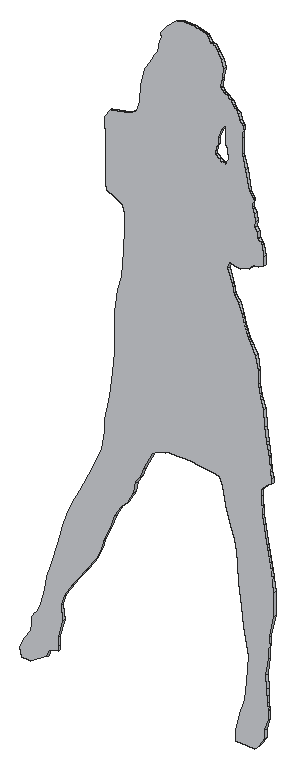
Revit family "Hot Babe 01", category Entourage, Revit 2015
Parameters
  Height = 0 mm
  Flat Material [instance] = none
Reference planes
  plane 1 "По центру (Вперед/Назад)": y = 0
  plane 2: z = 0
  plane 3 "По центру (Влево/Вправо)": x = 0
Forms (mm)
  Extrusion 1, solid, material <- "Flat Material"
    sketch origin (0, 0, 0) x (1, 0, 0) y (0, 0, 1)
      loop
        line (101.864, 617.992) -> (106.815, 588.284) -> (111.766, 562.29) -> (124.144, 526.393) -> (134.047, 499.161) -> (138.998, 466.977) -> (143.95, 440.983) -> (146.425, 392.708) -> (153.852, 338.244) -> (158.803, 288.731) -> (168.706, 249.121) -> (172.419, 221.889) -> (171.182, 192.181) -> (167.468, 157.522) -> (161.279, 110.485) -> (148.901, 70.874) -> (136.523, 26.313) -> (136.523, 0) -> (189.614, 0) -> (203.365, 11.459) -> (218.219, 33.74) -> (218.219, 56.02) -> (228.121, 83.252) -> (228.121, 106.771) -> (225.646, 126.576) -> (223.17, 158.76) -> (220.694, 192.181) -> (228.121, 234.267) -> (230.597, 289.969) -> (242.975, 343.195) -> (242.975, 402.611) -> (235.548, 454.599) -> (225.646, 509.063) -> (212.03, 585.808) -> (208.316, 630.37) -> (208.316, 646.462) -> (228.121, 665.029) -> (238.024, 669.98) -> (238.024, 682.358) -> (233.073, 699.688) -> (230.597, 733.109) -> (223.17, 769.006) -> (218.219, 806.141) -> (215.743, 846.989) -> (205.841, 874.221) -> (200.889, 905.167) -> (200.889, 937.35) -> (193.462, 972.009) -> (172.419, 1009.144) -> (161.279, 1036.376) -> (156.328, 1059.894) -> (146.425, 1087.126) -> (134.047, 1101.98) -> (129.096, 1127.975) -> (116.717, 1162.634) -> (121.669, 1176.25) -> (138.998, 1172.536) -> (151.376, 1172.536) -> (158.803, 1177.487) -> (176.133, 1181.201) -> (186.035, 1192.341) -> (200.889, 1194.817) -> (215.743, 1202.244) -> (215.743, 1224.525) -> (210.792, 1251.757) -> (198.414, 1264.135) -> (198.414, 1278.989) -> (190.987, 1288.891) -> (193.462, 1302.507) -> (190.987, 1322.313) -> (183.56, 1335.929) -> (186.035, 1358.209) -> (176.133, 1373.063) -> (166.23, 1422.576) -> (156.328, 1458.473) -> (156.328, 1496.846) -> (158.803, 1529.029) -> (148.901, 1540.169) -> (146.425, 1552.548) -> (136.523, 1559.975) -> (126.62, 1577.304) -> (106.815, 1592.158) -> (96.912, 1602.06) -> (100.626, 1625.579) -> (105.577, 1650.336) -> (99.388, 1670.141) -> (82.058, 1698.611) -> (69.68, 1702.324) -> (59.778, 1717.178) -> (37.497, 1722.129) -> (26.356, 1727.081) -> (-7.065, 1727.081) -> (-24.394, 1722.129) -> (-49.151, 1702.324) -> (-68.956, 1677.568) -> (-66.48, 1665.189) -> (-71.432, 1657.762) -> (-76.383, 1628.055) -> (-86.285, 1618.152) -> (-98.664, 1593.396) -> (-114.755, 1573.591) -> (-125.896, 1529.029) -> (-128.371, 1485.705) -> (-135.798, 1460.949) -> (-154.366, 1449.808) -> (-207.592, 1438.668) -> (-224.922, 1416.006) -> (-224.922, 1392.869) -> (-219.97, 1380.49) -> (-222.446, 1318.599) -> (-222.446, 1251.757) -> (-217.495, 1238.141) -> (-197.689, 1227) -> (-175.409, 1214.622) -> (-167.982, 1196.055) -> (-167.982, 1163.871) -> (-171.695, 1103.218) -> (-177.884, 1036.376) -> (-187.787, 1001.717) -> (-195.214, 943.539) -> (-197.689, 894.026) -> (-197.689, 840.8) -> (-202.641, 793.762) -> (-210.068, 731.871) -> (-224.922, 667.505) -> (-224.922, 637.797) -> (-231.111, 593.235) -> (-247.202, 561.052) -> (-267.008, 515.252) -> (-294.24, 466.977) -> (-314.045, 428.605) -> (-327.661, 395.184) -> (-338.801, 365.476) -> (-353.655, 313.487) -> (-370.985, 261.499) -> (-383.363, 221.889) -> (-390.79, 187.23) -> (-400.692, 148.857) -> (-410.595, 125.338) -> (-418.022, 120.387) -> (-425.449, 109.247) -> (-424.211, 95.631) -> (-427.924, 74.588) -> (-445.254, 49.831) -> (-457.632, 23.837) -> (-452.865, 0) -> (-427.217, 0) -> (-383.363, 26.313) -> (-375.936, 43.642) -> (-351.179, 51.069) -> (-351.179, 62.209) -> (-351.179, 85.728) -> (-338.801, 129.052) -> (-342.515, 167.424) -> (-335.088, 192.181) -> (-311.569, 228.078) -> (-296.071, 248.218) -> (-273.298, 279.506) -> (-247.202, 315.963) -> (-232.348, 345.671) -> (-224.922, 372.903) -> (-207.592, 405.086) -> (-195.214, 439.745) -> (-177.884, 466.977) -> (-160.555, 484.307) -> (-143.225, 514.015) -> (-138.274, 542.485) -> (-123.42, 562.29) -> (-115.993, 583.333) -> (-91.237, 630.37) -> (-76.383, 640.273) -> (-55.34, 645.224) -> (-49.151, 650.175) -> (-39.248, 647.699) -> (12.74, 647.699) -> (38.735, 645.224) -> (77.107, 640.273) -> (94.437, 637.797) -> (101.864, 617.992)
      loop
        line (110.528, 1464.662) -> (109.29, 1478.278) -> (109.29, 1510.462) -> (99.388, 1496.846) -> (89.485, 1474.565) -> (89.485, 1457.235) -> (84.534, 1449.808) -> (82.058, 1432.479) -> (99.388, 1417.625) -> (109.909, 1417.625) -> (119.193, 1430.003) -> (116.717, 1455.997) -> (110.528, 1464.662)
    from -2.5 to 2.5
Lines and regions (mm)
  model lines
    curve 1: line (-150, 0, 0) -> (150, 0, 0)
    curve 2: line (0, -150, 0) -> (0, 150, 0)
